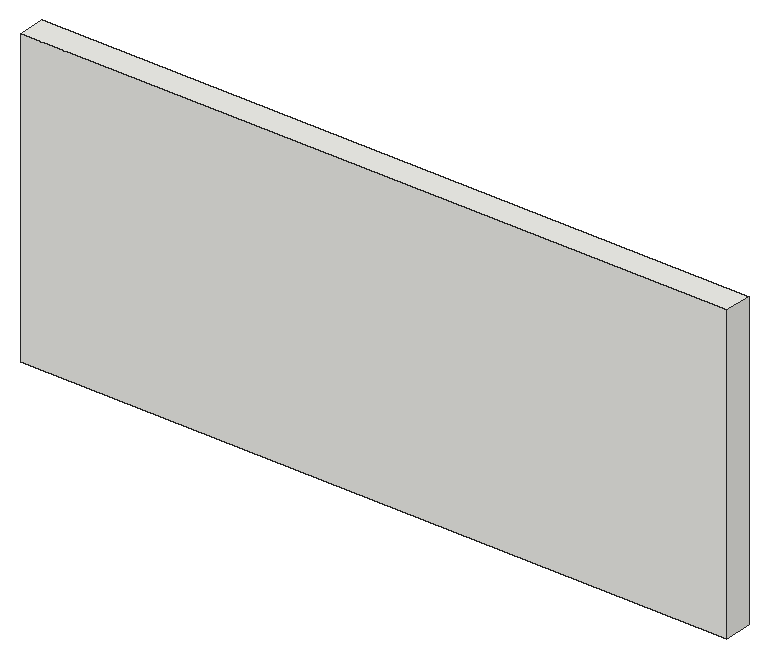
Revit family
Parameters (values of type "180 x 75 mm")
  Width = 75 mm
  Switch Board Material = Plastic
  Mounting Height = 1200 mm
  Length = 180 mm
Reference planes
  plane 1: y = 0
  plane 2 "Center (Left/Right)": x = 125
  plane 3 "Back": y = 75
  plane 4: x = 35
  plane 5: x = 215
  plane 6: z = 1200
  plane 7: z = 1275
  plane 8: z = 1237.5
Forms (mm)
  Extrusion 1, solid, material "Plastic" <- "Switch Board Material"
    sketch origin (0, 0, 1275) x (0, 1, 0) y (1, 0, 0)
      loop
        line (75, 35) -> (82.006, 35) -> (82.006, 215) -> (75, 215) -> (75, 35)
    from 0 to 75
Lines and regions (mm)
  symbolic lines
    curve 1: line (35, 75, 0) -> (35, 82.006, 0)
    curve 2: line (215, 75, 0) -> (215, 82.006, 0)
    curve 3: line (215, 82.006, 0) -> (35, 82.006, 0)
    curve 4: line (35, 75, 0) -> (215, 75, 0)
Text (mm)
  text "Placement side" at (-1867.185, 1116.779, 0), in view "Ref. Level"
  text "Placement side" at (0, 1270.507, 3001.832), in view "Left"
  text "Placement side" at (0, 530.812, 2999.686), in view "Right"
Dimensions and locks
  locked: plane 3 "Back" to host wall
  "Mounting Height": host wall to plane 6
  equal spacing: plane 4, plane 2 "Center (Left/Right)", plane 5
  "Length": plane 4 to plane 5
  equal spacing: plane 6, plane 8, plane 7
  "Width": plane 6 to plane 7
  locked: nested 2 to Extrusion 1 at 5
  locked: nested 4 to Extrusion 1 at 5
  locked: nested 3 to Extrusion 1 at 10
  locked: nested 5 to Extrusion 1 at 4.724
  aligned and locked: plane 1 to host wall
  aligned and locked: plane 4 to Extrusion 1 sketch curve
  aligned and locked: plane 5 to Extrusion 1 sketch curve
  aligned and locked: Extrusion 1 to plane 7
  aligned and locked: plane 6 to Extrusion 1
  aligned and locked: Extrusion 1 to nested 1
Automatic sketch dimensions
  host wall to Extrusion 1 sketch curve = 7.006 mm
  Extrusion 1 sketch curve to host wall = 0 mm
  curve 4 to plane 4 = 0 mm
  curve 3 to plane 5 = 0 mm
  curve 2 to host wall = 0 mm
  host wall to curve 3 = 7.006 mm
Nested families
  nested 1: "M_Elec-Bell Switch-35 x 35 mm" at (63.124, 82.006, 1220), type "35 x 35 mm"
  nested 2: "M_Elec-3 Pin Switch-30 x 35 mm" at (95.624, 87.006, 1220), type "M_Elec-3 Pin Switch-30 x 35 mm"
  nested 3: "M_Elec-Fan Regulator-50 x 35 mm" at (179.725, 82.006, 1220), type "50 x 35 mm"
  nested 4: "M_Elec-Telephone Point-20 x 35 mm" at (144.725, 82.006, 1220), type "20 x 35 mm"
  nested 5: "M_Elec-Switch-25 x 35 mm" at (122.674, 82.006, 1220), type "M_Elec-Switch-25 x 35 mm"
Definition of nested family "M_Elec-Bell Switch-35 x 35 mm"
  Parameters (values of type "35 x 35 mm")
    Switch Material = Plastic
  Reference planes
    plane 1 "Center (Front/Back)": y = 0
    plane 2: z = 0
    plane 3 "Center (Left/Right)": x = 0
  Forms (mm)
    Blend 1, solid, material "Plastic" <- "Switch Material"
      base sketch origin (0, 0, 0) x (1, 0, 0) y (0, 1, 0)
        loop
          line (-17.5, 0) -> (17.5, 0) -> (17.5, 5) -> (-17.5, 5) -> (-17.5, 0)
      top sketch origin (0, 0, 0) x (1, 0, 0) y (0, 1, 0)
        loop
          line (-17.5, 0) -> (17.5, 0) -> (17.5, 1.5) -> (-17.5, 1.5) -> (-17.5, 0)
      from 0 to 35
    Extrusion 2, void
      sketch origin (0, 0, 0) x (-1, 0, 0) y (0, 0, 1)
        loop
          arc (-0.734, 12.312) -> (-2.265, 10.328) -> (-2.861, 7.893) r 6.052
          arc (-2.861, 7.893) -> (-3.224, 6.771) -> (-4.013, 5.896) r 2.821
          line (-4.013, 5.896) -> (-0.645, 5.896)
          arc (-0.645, 5.896) -> (-0.011, 5.262) -> (0.622, 5.896) r 0.634
          line (0.622, 5.896) -> (4.013, 5.896)
          arc (4.013, 5.896) -> (3.224, 6.771) -> (2.861, 7.893) r 2.821
          arc (2.861, 7.893) -> (2.265, 10.328) -> (0.734, 12.312) r 6.052
          arc (0.734, 12.312) -> (0, 12.606) -> (-0.734, 12.312) r 1.064
        loop
          arc (0, 11.622) -> (-1.346, 9.93) -> (-1.862, 7.83) r 5.052
          arc (-1.862, 7.83) -> (-1.936, 7.356) -> (-2.069, 6.896) r 3.821
          line (-2.069, 6.896) -> (2.069, 6.896)
          arc (2.069, 6.896) -> (1.936, 7.356) -> (1.862, 7.83) r 3.821
          arc (1.862, 7.83) -> (1.346, 9.93) -> (0, 11.622) r 5.052
      from 3.5 to 5
  Cuts and joins
    Extrusion 2 cuts Blend 1
  Lines and regions (mm)
    symbolic lines
      curve 1: line (-17.5, 5, 0) -> (17.5, 5, 0)
      curve 2: line (-17.5, 5, 0) -> (-17.5, 0, 0)
      curve 3: line (17.5, 0, 0) -> (17.5, 1.5, 0)
      curve 4: line (17.5, 1.5, 0) -> (-17.5, 1.5, 0)
      curve 5: line (-17.5, 0, 0) -> (17.5, 0, 0)
  Dimensions and locks
    aligned and locked: Blend 1 sketch curve to var sketch  (x3)
    aligned and locked: curve 1 to cut or joined group of Blend 1, Extrusion 2
    aligned and locked: curve 2 to cut or joined group of Blend 1, Extrusion 2
    aligned and locked: curve 3 to cut or joined group of Blend 1, Extrusion 2
    aligned and locked: curve 4 to cut or joined group of Blend 1, Extrusion 2
    aligned and locked: curve 5 to cut or joined group of Blend 1, Extrusion 2
Definition of nested family "M_Elec-3 Pin Switch-30 x 35 mm"
  Parameters
    Switch Material = Plastic
  Reference planes
    plane 1 "Center (Front/Back)": y = 0
    plane 2: z = 0
    plane 3 "Center (Left/Right)": x = 9.678
  Forms (mm)
    Extrusion 1, solid, material "Plastic" <- "Switch Material"
      sketch origin (0, 0, 0) x (1, 0, 0) y (0, 0, 1)
        loop
          line (-15, 0) -> (15, 0) -> (15, 35) -> (-15, 35) -> (-15, 0)
        loop
          circle (0, 23.755) r 2.5
        loop
          circle (-8.226, 9.331) r 2.221
        loop
          circle (8.226, 9.331) r 2.221
        loop
          circle (-5.847, 14.42) r 2.221
        loop
          circle (5.847, 14.42) r 2.221
      from 0 to 5
  Lines and regions (mm)
    symbolic lines
      curve 1: line (15, 0, 0) -> (-15, 0, 0)
      curve 2: line (-15, -5, 0) -> (15, -5, 0)
      curve 3: line (-15, 0, 0) -> (-15, -5, 0)
      curve 4: line (15, -5, 0) -> (15, 0, 0)
  Dimensions and locks
    aligned and locked: curve 1 to Extrusion 1
    aligned and locked: curve 2 to Extrusion 1
    aligned and locked: curve 3 to Extrusion 1
    aligned and locked: curve 4 to Extrusion 1
Definition of nested family "M_Elec-Fan Regulator-50 x 35 mm"
  Parameters (values of type "50 x 35 mm")
    Switch Material = Plastic
  Reference planes
    plane 1 "Center (Front/Back)": y = 0
    plane 2: z = 0
    plane 3 "Center (Left/Right)": x = 0
  Forms (mm)
    Extrusion 1, solid, material "Plastic" <- "Switch Material"
      sketch origin (0, 0, 0) x (1, 0, 0) y (0, 0, 1)
        loop
          line (25, 0) -> (25, 35) -> (-25, 35) -> (-25, 0) -> (25, 0)
      from 0 to -1
    Extrusion 2, solid, material "Plastic" <- "Switch Material"
      sketch origin (0, 0, 0) x (1, 0, 0) y (0, 0, 1)
        loop
          circle (0, 17.5) r 9.562
      from -1 to -10
  Lines and regions (mm)
    symbolic lines
      curve 1: line (-25, 0, 0) -> (25, 0, 0)
      curve 2: line (-25, 1, 0) -> (-25, 0, 0)
      curve 3: line (25, 1, 0) -> (-25, 1, 0)
      curve 4: line (25, 0, 0) -> (25, 1, 0)
      curve 5: line (-9.562, 10, 0) -> (-9.562, 1, 0)
      curve 6: line (9.562, 10, 0) -> (-9.562, 10, 0)
      curve 7: line (9.562, 1, 0) -> (9.562, 10, 0)
  Dimensions and locks
    aligned and locked: level to Extrusion 1 sketch curve
    aligned and locked: Extrusion 2 to Extrusion 1
    aligned and locked: Extrusion 1 to curve 1
    aligned and locked: curve 1 to Extrusion 1
    aligned and locked: Extrusion 1 to curve 4
    aligned and locked: curve 4 to Extrusion 1
    aligned and locked: curve 5 to Extrusion 2
    aligned and locked: curve 6 to Extrusion 2
    aligned and locked: curve 7 to Extrusion 2
Definition of nested family "M_Elec-Telephone Point-20 x 35 mm"
  Parameters (values of type "20 x 35 mm")
    Switch Material = Plastic
  Reference planes
    plane 1 "Center (Front/Back)": y = 0
    plane 2: z = 0
    plane 3 "Center (Left/Right)": x = 0
  Forms (mm)
    Extrusion 1, solid, material "Plastic" <- "Switch Material"
      sketch origin (0, 0, 0) x (1, 0, 0) y (0, 0, -1)
        loop
          line (-10, 0) -> (-10, -35) -> (10, -35) -> (10, 0) -> (-10, 0)
        loop
          circle (0, -26.241) r 2
        loop
          circle (0, -8.759) r 2
      from 0 to 5
    Extrusion 2, solid, material "Plastic" <- "Switch Material"
      sketch origin (0, 0, 0) x (1, 0, 0) y (0, 0, 1)
        loop
          line (3.498, 21.491) -> (1.892, 21.921)
          arc (1.892, 21.921) -> (1.26, 21.014) -> (1.354, 19.913) r 1.622
          line (1.354, 19.913) -> (2.918, 19.776)
          arc (2.918, 19.776) -> (3.299, 17.32) -> (2.918, 14.865) r 8.106
          line (2.918, 14.865) -> (1.354, 14.728)
          arc (1.354, 14.728) -> (1.26, 13.626) -> (1.892, 12.72) r 1.622
          line (1.892, 12.72) -> (3.498, 13.15)
          arc (3.498, 13.15) -> (4.768, 17.32) -> (3.498, 21.491) r 7.485
      from -5 to -6
  Lines and regions (mm)
    symbolic lines
      curve 1: line (-10, 0, 0) -> (10, 0, 0)
      curve 2: line (-10, 5, 0) -> (-10, 0, 0)
      curve 3: line (10, 5, 0) -> (-10, 5, 0)
      curve 4: line (10, 0, 0) -> (10, 5, 0)
      curve 5: line (4.715, 6, 0) -> (1.205, 6, 0)
      curve 6: line (1.354, 6, 0) -> (1.354, 5, 0)
      curve 7: line (4.715, 6, 0) -> (4.715, 5, 0)
  Dimensions and locks
    aligned and locked: Extrusion 1 to curve 1
    aligned and locked: curve 1 to Extrusion 1
    aligned and locked: Extrusion 1 to curve 4
    aligned and locked: curve 4 to Extrusion 1
    aligned and locked: curve 5 to Extrusion 2
    aligned and locked: curve 6 to Extrusion 2
Definition of nested family "M_Elec-Switch-25 x 35 mm"
  Parameters
    Switch Material = Plastic
  Reference planes
    plane 1 "Center (Front/Back)": y = 0
    plane 2: z = 0
    plane 3 "Center (Left/Right)": x = 0
    plane 4: x = -12.051
    plane 5: x = 12.051
  Forms (mm)
    Blend 1, solid, material "Plastic" <- "Switch Material"
      base sketch origin (0, 0, 0) x (1, 0, 0) y (0, 1, 0)
        loop
          line (-12.051, 0) -> (12.051, 0) -> (12.051, 4.724) -> (-12.051, 4.724) -> (-12.051, 0)
      top sketch origin (0, 0, 0) x (1, 0, 0) y (0, 1, 0)
        loop
          line (-12.051, 0) -> (12.051, 0) -> (12.051, 1.709) -> (-12.051, 1.709) -> (-12.051, 0)
      from 0 to 35
  Lines and regions (mm)
    symbolic lines
      curve 1: line (-12.051, 0, 0) -> (12.051, 0, 0)
      curve 2: line (-12.051, 4.724, 0) -> (-12.051, 0, 0)
      curve 3: line (12.051, 4.724, 0) -> (-12.051, 4.724, 0)
      curve 4: line (12.051, 0, 0) -> (12.051, 4.724, 0)
      curve 5: line (12.051, 1.709, 0) -> (-12.051, 1.709, 0)
  Dimensions and locks
    aligned and locked: Blend 1 sketch curve to var sketch
    aligned and locked: var sketch to Blend 1 sketch curve  (x2)
    aligned and locked: Blend 1 sketch curve to Blend 1 sketch curve
    aligned and locked: curve 1 to plane 4
    aligned and locked: curve 1 to Blend 1
    aligned and locked: Blend 1 to curve 4
    aligned and locked: curve 4 to Blend 1
    aligned and locked: curve 5 to Blend 1
